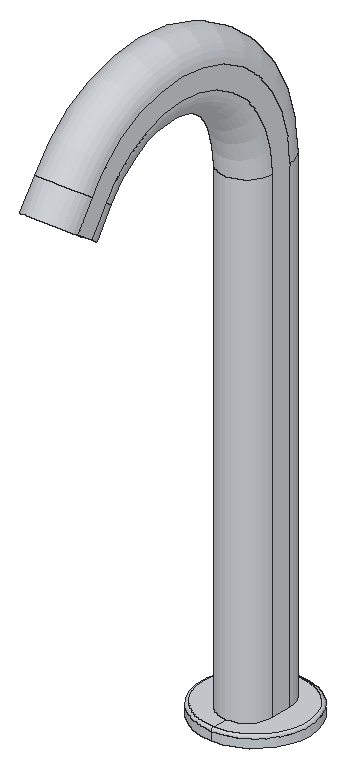
Revit family "Faucet_Touchless-Lavatory-KOHLER-Oblo_Tall-K-103B87_1", category Plumbing Fixtures, host Face, Revit 2017
Family settings
  Host = Face
  Round Connector Dimension = Use Diameter
  Part Type = Normal
  OmniClass Number = 23.31.11.00
  OmniClass Title = Faucets
  Cut with Voids When Loaded = No
  Shared = No
  Room Calculation Point = No
Parameters (values of type "CP-Polished Chrome")
  Width = 2 5/16"  # constant formula
  WaterSense Certified = 1 = 0  # no
  Waste Water Outlet = "Waste Water Outlet"  # constant formula
  Waste Connection = 1 = 0  # no
  Voltage = 120 V  # constant formula
  Vent Connection = 1 = 0  # no
  URL = "https://www.us.kohler.com/us/"
  Spout Reach = 5 3/16"  # constant formula
  Product Page URL = "http://www.us.kohler.com/us/catalog/productDetails.jsp?productNumber=103B87-SANA"
  Product Name = "Oblo Tall"  # constant formula
  Product Documentation Link = "https://www.us.kohler.com/webassets/kpna/catalog/pdf/en/K-103B87-SANA_spec.pdf"
  Pressure = 60.00 psi  # constant formula
  Model = "K-103B87-SANA-CP"  # constant formula
  Material = "Brass Construction"  # constant formula
  MasterFormat 2004 = "22.41.39"  # constant formula
  MasterFormat 1995 = "15410"  # constant formula
  Manufacturer Address = "444 Highland Dr, Kohler, WI 53044"  # constant formula
  Manufacturer = "KOHLER Co."  # constant formula
  Length = Spout Reach  # 5 3/16"
  Hot Water Inlet = "Hot Water Inlet"  # constant formula
  Height = 13 7/8"  # constant formula
  HW Connection = 1 = 1  # yes
  Flow Rate = 0.5 GPM  # constant formula
  Finish = Kohler-Metal-CP-Polished_Chrome
  Environmental Product Declaration = ""
  Electrical Note = "One dedicated circuit required, protected with Class A Ground-Fault Circuit-Interrupter (GFCI) or Outside North America, this device may be known as a Residual Current Device (RCD)"  # constant formula
  Electrical Connector = 1 = 1  # yes
  Drain Included = 1 = 1  # yes
  Description = "Touchless faucet with Kinesis sensor technology and temperature mixer, AC-powered"  # constant formula
  Default Elevation = 36"
  Declare Label = ""
  Date Modified = "03/30/2020"  # constant formula
  Date Created = "03/30/2020"  # constant formula
  Copyright = "Copyright KOHLER Co."  # constant formula
  Contact Us = "https://www.us.kohler.com/us/static/contact.jsp"
  Cold Water Inlet = "Cold Water Inlet"  # constant formula
  CW Connection = 1 = 1  # yes
  Assembly Code = "D2010"
  Apparent Load = 15 A * Voltage  # 1800 VA
  ADA Compliant = 1 = 1  # yes
Reference planes (in)
  plane 1 "Center (Front/Back)": y = 0
  plane 2: z = 0
  plane 3 "Center (Left/Right)": x = 0
  plane 4: x = -1.15625
  plane 5: x = 1.15625
  plane 6: y = 1.15625
  plane 7: y = -1.15625
  plane 8: y = -5.1875
  plane 9: z = 13.875
  plane 10: z = 0.23622
  plane 11: z = 11.4375
  plane 12: y = -5.82161
  plane 13: x = -0.55118
  plane 14: x = 0.55118
  plane 15: y = 0.77357
  plane 16: y = -0.77357
Dimensions and locks (in)
  "Width": plane 4 to plane 5
  locked: plane 7 to plane 6 at 2.3125
  "Length": plane 8 to plane 1 "Center (Front/Back)"
  "Height": plane 9 to plane 2
  locked: level to plane 11 at 11.4375
  "Spout Reach": plane 1 "Center (Front/Back)" to plane 8
  aligned and locked: plane 2 to host face
  aligned and locked: level to host face
Automatic sketch dimensions
  host sketch curve to host sketch curve = 96"  (x2)
Nested families (in)
  nested 1: "K-103B87" at (0, 0, 0), type "K-103B87"
Connectors (in)
  piping at (-0.55118, 0, 0), diameter 0.375, driven by "Flow Rate", driven by "Pressure", driven by "HW Connection", driven by "Hot Water Inlet"
    settings: on nested 1, index 1, connector inside diameter 24", connector length 0", flow factor 0, pipe flow 0.5 GPM, pressure drop 60.00 psi, fitting loss kfactor 0, connector angle 0.00°, fixture units 0, engagement length 0", angle of deflection 0.00°, flow configuration 1, flow direction 1, fitting loss method 4, system type 19, joint type 0, gender type 0, connector reference index -1, connector utility 1, adjustable connector no, is connector primary yes, connector description "Hot Water Inlet"
  piping at (0.55118, 0, 0), diameter 0.375, driven by "Flow Rate", driven by "Pressure", driven by "CW Connection", driven by "Cold Water Inlet"
    settings: on nested 1, index 2, connector inside diameter 24", connector length 0", flow factor 0, pipe flow 0.5 GPM, pressure drop 60.00 psi, fitting loss kfactor 0, connector angle 0.00°, fixture units 0, engagement length 0", angle of deflection 0.00°, flow configuration 1, flow direction 1, fitting loss method 4, system type 20, joint type 0, gender type 0, connector reference index -1, connector utility 1, adjustable connector no, is connector primary no, connector description "Cold Water Inlet"
  electrical at (0, 0, 0), driven by "Voltage", driven by "Apparent Load", driven by "Electrical Connector", driven by "Electrical Note"
    settings: on nested 1, index 3, voltage 120 V, apparent load 1800 VA, apparent load phase1 0 VA, apparent load phase2 0 VA, apparent load phase3 0 VA, power factor 1, load classification "Power", number of poles 1, system type 30, power factor state 1, is connector primary yes, connector utility yes, sub classification motor no, connector description "One dedicated circuit required, protected with Class A Ground-Fault Circuit-Interrupter (GFCI) or Outside North America, this device may be known as a Residual Current Device (RCD)"
Definition of nested family "K-103B87"
  Parameters (values of type "K-103B87")
    Material = none
  Reference planes (in)
    plane 1 "Center (Front/Back)": y = 0
    plane 2: z = 0
    plane 3 "Center (Left/Right)": x = 0
    plane 4: x = -1.15625
    plane 5: x = 1.15625
    plane 6: y = 1.15625
    plane 7: y = -1.15625
    plane 8: z = 13.875
    plane 9: y = -5.1875
    plane 10: z = 11.4375
    plane 11: y = 0.77357
    plane 12: y = -0.77357
    plane 13: z = 0.23622
    plane 14: y = -5.82121
    plane 15: x = -0.55118
    plane 16: x = 0.55118
    plane 17: y = 0.77357
    plane 18: y = -0.77357
  Forms (in)
    Revolve 1, solid, material <- "Material", detail levels medium+fine
      sketch origin (0, 0, 0) x (0, 1, 0) y (0, 0, 1)
        loop
          line (1.15625, 0) -> (1.15625, 0.17964)
          arc (1.15625, 0.17964) -> (1.13968, 0.21965) -> (1.09967, 0.23622) r 0.05658
          line (1.09967, 0.23622) -> (0, 0.23622) -> (0, 0) -> (1.15625, 0)
        axis (0, 0) -> (0, 0.23622)
      angle from 0 to 360
    Sweep 2, solid, material <- "Material", detail levels medium+fine
      path origin (0, 0, -0.04004) x (0, 1, 0) y (0, 0, 1)
        loop
          line (0, 0.27706) -> (0, 10.5154)
          arc (0, 10.5154) -> (-1.84846, 13.03639) -> (-4.80861, 12.03155) r 2.64332
          line (-4.80861, 12.03155) -> (-5.1875, 11.49044)
      profile origin (0, 0, 5.35619) x (0, -1, 0) y (1, 0, 0)
        loop
          spline (0.22638, -0.55118) -> (0.36802, -0.53239) -> (0.50001, -0.47732) -> (0.61335, -0.3897) -> (0.70031, -0.27552) -> (0.75496, -0.14256) -> (0.77357, 0.00012) -> (0.75489, 0.14279) -> (0.70018, 0.27573) -> (0.61318, 0.38987) -> (0.4998, 0.47744) -> (0.36779, 0.53246) -> (0.22613, 0.55118)
          line (0.22613, 0.55118) -> (-0.22638, 0.55118)
          spline (-0.22638, 0.55118) -> (-0.368, 0.5324) -> (-0.49998, 0.47734) -> (-0.6133, 0.38974) -> (-0.70026, 0.27559) -> (-0.75493, 0.14266) -> (-0.77358, 0) -> (-0.75493, -0.14266) -> (-0.70026, -0.27559) -> (-0.6133, -0.38974) -> (-0.49998, -0.47734) -> (-0.368, -0.5324) -> (-0.22638, -0.55118)
          line (-0.22638, -0.55118) -> (0.22638, -0.55118)
    Extrusion 3, solid, material <- "Material", detail levels coarse
      sketch origin (0, 0, 0) x (1, 0, 0) y (0, 1, 0)
        loop
          circle (0, 0) r 1.15625
      from 0 to 0.23622
    Sweep 4, solid, material <- "Material", detail levels coarse
      path origin (0, 0, -0.0166) x (0, 1, 0) y (0, 0, 1)
        loop
          line (0, 0.22048) -> (0, 10.47048)
          arc (0, 10.47048) -> (-1.8532, 12.99792) -> (-4.82093, 11.99051) r 2.6501
          line (-4.82093, 11.99051) -> (-5.1875, 11.467)
      profile origin (0, 0, 5.32887) x (0, -1, 0) y (1, 0, 0)
        loop
          spline (0.77362, 0) -> (0.74726, 0.14266) -> (0.66997, 0.27559) -> (0.54703, 0.38974) -> (0.38681, 0.47734) -> (0.20023, 0.5324) -> (0, 0.55118) -> (-0.20023, 0.5324) -> (-0.38681, 0.47734) -> (-0.54703, 0.38974) -> (-0.66997, 0.27559) -> (-0.74726, 0.14266) -> (-0.77362, 0)
          spline (-0.77362, 0) -> (-0.74726, -0.14266) -> (-0.66997, -0.27559) -> (-0.54703, -0.38974) -> (-0.38681, -0.47734) -> (-0.20023, -0.5324) -> (0, -0.55118) -> (0.20023, -0.5324) -> (0.38681, -0.47734) -> (0.54703, -0.38974) -> (0.66997, -0.27559) -> (0.74726, -0.14266) -> (0.77362, 0)
    Extrusion 5, void
      sketch origin (0, -5.1875, 11.4504) x (1, 0, 0) y (0, -0.819152, 0.573576)
        loop
          circle (0, 0.08619) r 0.5
        loop
          circle (0, 0.08619) r 0.48516
        loop
          circle (0, 0.08619) r 0.41777
      from -0.10741 to 0.12297
    Extrusion 6, solid, detail levels medium+fine
      sketch origin (0, -5.1875, 11.4504) x (1, 0, 0) y (0, -0.819152, 0.573576)
        loop
          arc (-0.0488, 0.25324) -> (-0.14351, 0.21888) -> (-0.22063, 0.15404) r 0.2885
          line (-0.22063, 0.15404) -> (-0.18604, 0.13407) -> (-0.23558, 0.04826) -> (-0.27017, 0.06823)
          arc (-0.27017, 0.06823) -> (-0.28776, -0.03097) -> (-0.27017, -0.13018) r 0.2885
          line (-0.27017, -0.13018) -> (-0.23558, -0.11021) -> (-0.18604, -0.19602) -> (-0.22063, -0.21599)
          arc (-0.22063, -0.21599) -> (-0.14351, -0.28083) -> (-0.0488, -0.31519) r 0.2885
          line (-0.0488, -0.31519) -> (-0.0488, -0.27525) -> (0.05029, -0.27525) -> (0.05029, -0.31519)
          arc (0.05029, -0.31519) -> (0.14499, -0.28083) -> (0.22211, -0.21599) r 0.2885
          line (0.22211, -0.21599) -> (0.18752, -0.19602) -> (0.23706, -0.11021) -> (0.27165, -0.13018)
          arc (0.27165, -0.13018) -> (0.28925, -0.03097) -> (0.27165, 0.06823) r 0.2885
          line (0.27165, 0.06823) -> (0.23706, 0.04826) -> (0.18752, 0.13407) -> (0.22211, 0.15404)
          arc (0.22211, 0.15404) -> (0.14499, 0.21888) -> (0.05029, 0.25324) r 0.2885
          line (0.05029, 0.25324) -> (0.05029, 0.2133) -> (-0.0488, 0.2133) -> (-0.0488, 0.25324)
      from -0.10741 to -0.08036
    Extrusion 7, solid, material <- "Material", detail levels medium+fine
      sketch origin (0, 0, 0) x (1, 0, 0) y (0, 1, 0)
        loop
          circle (-0.55118, 0) r 0.07014
        loop
          circle (0.55118, 0) r 0.07014
      from 0 to 0.01356
  Cuts and joins
    Extrusion 5 cuts Sweep 2
    joined: Revolve 1, Sweep 2
    joined: Extrusion 3, Sweep 4
  Lines and regions (in)
    Masking region 1
      outline origin (0, 0, 0) x (1, 0, 0) y (0, 1, 0)
        loop
          arc (0.55118, -1.01642) -> (1.12075, 0.28432) -> (0, 1.15625) r 1.15625
          arc (0, 1.15625) -> (-1.12075, 0.28432) -> (-0.55118, -1.01642) r 1.15625
          line (-0.55118, -1.01642) -> (-0.55118, -5.37338)
          spline (-0.55118, -5.37338) -> (-0.53241, -5.48935) -> (-0.47738, -5.59743) -> (-0.38983, -5.69025) -> (-0.27574, -5.76149) -> (-0.14286, -5.80629) -> (-0.00026, -5.82161) -> (0.14237, -5.8064) -> (0.27529, -5.7617) -> (0.38947, -5.69055) -> (0.47712, -5.5978) -> (0.53228, -5.48976) -> (0.55118, -5.37379)
          line (0.55118, -5.37379) -> (0.55118, -1.01642)
    Masking region 2
      outline origin (0, 0, 0) x (1, 0, 0) y (0, 0, 1)
        loop
          line (1.15625, 0) -> (1.15625, 0.18027)
          arc (1.15625, 0.18027) -> (1.13986, 0.21983) -> (1.1003, 0.23622) r 0.05595
          line (1.1003, 0.23622) -> (0.55118, 0.23622) -> (0.55118, 13.32382)
          arc (0.55118, 13.32382) -> (0, 13.875) -> (-0.55118, 13.32382) r 0.55118
          line (-0.55118, 13.32382) -> (-0.55118, 0.23622) -> (-1.1003, 0.23622)
          arc (-1.1003, 0.23622) -> (-1.13986, 0.21983) -> (-1.15625, 0.18027) r 0.05595
          line (-1.15625, 0.18027) -> (-1.15625, 0) -> (1.15625, 0)
    Masking region 3
      outline origin (0, 0, 0) x (0, 1, 0) y (0, 0, 1)
        loop
          line (1.15625, 0) -> (1.15625, 0.18047)
          arc (1.15625, 0.18047) -> (1.13992, 0.21989) -> (1.1005, 0.23622) r 0.05575
          line (1.1005, 0.23622) -> (0.77357, 0.23622) -> (0.77357, 10.45316)
          arc (0.77357, 10.45316) -> (-1.62074, 13.71859) -> (-5.45502, 12.41703) r 3.4239
          line (-5.45502, 12.41703) -> (-5.82121, 11.88123) -> (-4.55988, 10.99804) -> (-4.18005, 11.5405)
          arc (-4.18005, 11.5405) -> (-2.08305, 12.25234) -> (-0.77357, 10.46644) r 1.87256
          line (-0.77357, 10.46644) -> (-0.77357, 0.23622) -> (-1.1005, 0.23622)
          arc (-1.1005, 0.23622) -> (-1.13992, 0.21989) -> (-1.15625, 0.18047) r 0.05575
          line (-1.15625, 0.18047) -> (-1.15625, 0) -> (1.15625, 0)
    symbolic lines, detail levels medium+fine
      curve 1: spline (-0.55118, 0.22638, 0) -> (-0.5324, 0.368, 0) -> (-0.47734, 0.49998, 0) -> (-0.38974, 0.6133, 0) -> (-0.27559, 0.70026, 0) -> (-0.14266, 0.75493, 0) -> (0, 0.77357, 0) -> (0.14266, 0.75493, 0) -> (0.27559, 0.70026, 0) -> (0.38974, 0.6133, 0) -> (0.47734, 0.49998, 0) -> (0.5324, 0.368, 0) -> (0.55118, 0.22638, 0)
      curve 2: line (-0.55118, 0.22638, 0) -> (-0.55118, -1.01642, 0)
      curve 3: line (0.55118, 0.22638, 0) -> (0.55118, -1.01642, 0)
      curve 4: line (-0.55118, 0, 0.23622) -> (0.55118, 0, 0.23622)
      curve 5: line (0, 0.77357, 0.23622) -> (0, -0.77357, 0.23622)
      curve 6: line (0, 0.30078, 0.23622) -> (0, 0.30078, 10.29809)
      curve 7: line (0, -0.30078, 0.23622) -> (0, -0.30078, 10.43401)
      curve 8: line (0, -4.94717, 11.26922) -> (0, -4.58594, 11.78512)
      curve 9: line (0, -5.43995, 11.61426) -> (0, -5.15667, 12.01882)
      curve 10: arc (0, -0.30078, 10.43401) -> (0, -1.94803, 12.68057) -> (0, -4.58594, 11.78512) r 2.35558
      curve 11: arc (0, 0.30078, 10.29809) -> (0, -1.7971, 13.15924) -> (0, -5.15667, 12.01882) r 3
      curve 12: spline (0.55118, 0, 11.58024) -> (0.5324, 0, 11.66147) -> (0.47734, 0, 11.73717) -> (0.38974, 0, 11.80217) -> (0.27559, 0, 11.85205) -> (0.14266, 0, 11.88341) -> (0, 0, 11.8941) -> (-0.14266, 0, 11.88341) -> (-0.27559, 0, 11.85205) -> (-0.38974, 0, 11.80217) -> (-0.47734, 0, 11.73717) -> (-0.5324, 0, 11.66147) -> (-0.55118, 0, 11.58024)
      curve 13: spline (-0.55118, 0, 11.32055) -> (-0.53239, 0, 11.23931) -> (-0.47732, 0, 11.1636) -> (-0.3897, 0, 11.09859) -> (-0.27552, 0, 11.04872) -> (-0.14256, 0, 11.01737) -> (0.00012, 0, 11.00669) -> (0.14279, 0, 11.01741) -> (0.27573, 0, 11.04879) -> (0.38987, 0, 11.09869) -> (0.47744, 0, 11.16372) -> (0.53246, 0, 11.23944) -> (0.55118, 0, 11.32069)
      curve 14: spline (0.5, 0, 11.49983) -> (0.48296, 0, 11.42561) -> (0.43301, 0, 11.35644) -> (0.35355, 0, 11.29704) -> (0.25, 0, 11.25147) -> (0.12941, 0, 11.22282) -> (0, 0, 11.21304) -> (-0.12941, 0, 11.22282) -> (-0.25, 0, 11.25147) -> (-0.35355, 0, 11.29704) -> (-0.43301, 0, 11.35644) -> (-0.48296, 0, 11.42561) -> (-0.5, 0, 11.49983) -> (-0.48296, 0, 11.57406) -> (-0.43301, 0, 11.64323) -> (-0.35355, 0, 11.70262) -> (-0.25, 0, 11.7482) -> (-0.12941, 0, 11.77685) -> (0, 0, 11.78662) -> (0.12941, 0, 11.77685) -> (0.25, 0, 11.7482) -> (0.35355, 0, 11.70262) -> (0.43301, 0, 11.64323) -> (0.48296, 0, 11.57406) -> (0.5, 0, 11.49983)
      curve 15: spline (0.48516, 0, 11.49983) -> (0.46863, 0, 11.57186) -> (0.42016, 0, 11.63897) -> (0.34306, 0, 11.6966) -> (0.24258, 0, 11.74083) -> (0.12557, 0, 11.76863) -> (0, 0, 11.77811) -> (-0.12557, 0, 11.76863) -> (-0.24258, 0, 11.74083) -> (-0.34306, 0, 11.6966) -> (-0.42016, 0, 11.63897) -> (-0.46863, 0, 11.57186) -> (-0.48516, 0, 11.49983) -> (-0.46863, 0, 11.42781) -> (-0.42016, 0, 11.3607) -> (-0.34306, 0, 11.30306) -> (-0.24258, 0, 11.25884) -> (-0.12557, 0, 11.23104) -> (0, 0, 11.22156) -> (0.12557, 0, 11.23104) -> (0.24258, 0, 11.25884) -> (0.34306, 0, 11.30306) -> (0.42016, 0, 11.3607) -> (0.46863, 0, 11.42781) -> (0.48516, 0, 11.49983)
      curve 16: spline (0.41777, 0, 11.49983) -> (0.40354, 0, 11.43781) -> (0.3618, 0, 11.38002) -> (0.29541, 0, 11.33039) -> (0.20889, 0, 11.29231) -> (0.10813, 0, 11.26837) -> (0, 0, 11.26021) -> (-0.10813, 0, 11.26837) -> (-0.20888, 0, 11.29231) -> (-0.29541, 0, 11.33039) -> (-0.3618, 0, 11.38002) -> (-0.40354, 0, 11.43781) -> (-0.41777, 0, 11.49983) -> (-0.40354, 0, 11.56185) -> (-0.3618, 0, 11.61964) -> (-0.29541, 0, 11.66927) -> (-0.20888, 0, 11.70735) -> (-0.10813, 0, 11.73129) -> (0, 0, 11.73946) -> (0.10813, 0, 11.73129) -> (0.20889, 0, 11.70735) -> (0.29541, 0, 11.66927) -> (0.3618, 0, 11.61964) -> (0.40354, 0, 11.56185) -> (0.41777, 0, 11.49983)
      curve 17: spline (-0.41067, 0, 11.54382) -> (-0.39909, 0, 11.51697) -> (-0.3822, 0, 11.49106) -> (-0.36021, 0, 11.46643) -> (-0.33342, 0, 11.44343) -> (-0.30218, 0, 11.42235) -> (-0.26692, 0, 11.40348) -> (-0.2281, 0, 11.38706) -> (-0.18624, 0, 11.37332) -> (-0.14189, 0, 11.36244) -> (-0.09566, 0, 11.35456) -> (-0.04815, 0, 11.34979) -> (0, 0, 11.34819)
      curve 18: spline (0, 0, 11.34819) -> (0.04815, 0, 11.34979) -> (0.09566, 0, 11.35456) -> (0.14189, 0, 11.36244) -> (0.18624, 0, 11.37332) -> (0.2281, 0, 11.38706) -> (0.26692, 0, 11.40348) -> (0.30218, 0, 11.42235) -> (0.33342, 0, 11.44343) -> (0.36021, 0, 11.46643) -> (0.3822, 0, 11.49106) -> (0.39909, 0, 11.51697) -> (0.41067, 0, 11.54382)
      curve 19: line (-0.04959, 0, 11.35755) -> (-0.04959, 0, 11.38046)
      curve 20: line (0.0495, 0, 11.38046) -> (0.0495, 0, 11.35755)
      curve 21: spline (0.22132, 0, 11.41445) -> (0.21013, 0, 11.40721) -> (0.19821, 0, 11.40036) -> (0.18562, 0, 11.39391) -> (0.17239, 0, 11.3879) -> (0.15857, 0, 11.38235) -> (0.14421, 0, 11.37726) -> (0.12935, 0, 11.37267) -> (0.11405, 0, 11.36858) -> (0.09836, 0, 11.36502) -> (0.08234, 0, 11.36198) -> (0.06603, 0, 11.35949) -> (0.0495, 0, 11.35755)
      curve 22: line (0.18673, 0, 11.42591) -> (0.22132, 0, 11.41445)
      curve 23: line (0.23627, 0, 11.47513) -> (0.18673, 0, 11.42591)
      curve 24: line (0.27087, 0, 11.46367) -> (0.23627, 0, 11.47513)
      curve 25: spline (0.27087, 0, 11.57747) -> (0.2762, 0, 11.56829) -> (0.28059, 0, 11.55895) -> (0.28403, 0, 11.54947) -> (0.28649, 0, 11.53989) -> (0.28796, 0, 11.53025) -> (0.28846, 0, 11.52057) -> (0.28796, 0, 11.5109) -> (0.28649, 0, 11.50126) -> (0.28403, 0, 11.49168) -> (0.28059, 0, 11.4822) -> (0.2762, 0, 11.47286) -> (0.27087, 0, 11.46367)
      curve 26: line (0.23627, 0, 11.56602) -> (0.27087, 0, 11.57747)
      curve 27: line (0.18673, 0, 11.61524) -> (0.23627, 0, 11.56602)
      curve 28: spline (0.0495, 0, 11.68359) -> (0.06603, 0, 11.68165) -> (0.08234, 0, 11.67916) -> (0.09836, 0, 11.67613) -> (0.11405, 0, 11.67256) -> (0.12935, 0, 11.66848) -> (0.14421, 0, 11.66388) -> (0.15857, 0, 11.6588) -> (0.17239, 0, 11.65324) -> (0.18562, 0, 11.64723) -> (0.19821, 0, 11.64079) -> (0.21013, 0, 11.63394) -> (0.22132, 0, 11.62669)
      curve 29: line (0.22132, 0, 11.62669) -> (0.18673, 0, 11.61524)
      curve 30: line (0.0495, 0, 11.68359) -> (0.0495, 0, 11.63853)
      curve 31: line (0.0495, 0, 11.63853) -> (-0.04959, 0, 11.63853)
      curve 32: line (-0.04959, 0, 11.63853) -> (-0.04959, 0, 11.68359)
      curve 33: spline (-0.22142, 0, 11.62669) -> (-0.21022, 0, 11.63394) -> (-0.1983, 0, 11.64079) -> (-0.18571, 0, 11.64723) -> (-0.17248, 0, 11.65324) -> (-0.15866, 0, 11.6588) -> (-0.1443, 0, 11.66388) -> (-0.12944, 0, 11.66848) -> (-0.11415, 0, 11.67256) -> (-0.09846, 0, 11.67613) -> (-0.08243, 0, 11.67916) -> (-0.06612, 0, 11.68165) -> (-0.04959, 0, 11.68359)
      curve 34: line (-0.18683, 0, 11.61524) -> (-0.22142, 0, 11.62669)
      curve 35: line (-0.23637, 0, 11.56602) -> (-0.18683, 0, 11.61524)
      curve 36: line (-0.27096, 0, 11.57747) -> (-0.23637, 0, 11.56602)
      curve 37: spline (-0.27096, 0, 11.46367) -> (-0.2763, 0, 11.47286) -> (-0.28069, 0, 11.4822) -> (-0.28412, 0, 11.49168) -> (-0.28658, 0, 11.50126) -> (-0.28806, 0, 11.5109) -> (-0.28855, 0, 11.52057) -> (-0.28806, 0, 11.53025) -> (-0.28658, 0, 11.53989) -> (-0.28412, 0, 11.54947) -> (-0.28069, 0, 11.55895) -> (-0.2763, 0, 11.56829) -> (-0.27096, 0, 11.57747)
      curve 38: line (-0.23637, 0, 11.47513) -> (-0.27096, 0, 11.46367)
      curve 39: line (-0.18683, 0, 11.42591) -> (-0.23637, 0, 11.47513)
      curve 40: line (-0.22142, 0, 11.41445) -> (-0.18683, 0, 11.42591)
      curve 41: spline (-0.04959, 0, 11.35755) -> (-0.06612, 0, 11.35949) -> (-0.08243, 0, 11.36198) -> (-0.09846, 0, 11.36502) -> (-0.11415, 0, 11.36858) -> (-0.12944, 0, 11.37267) -> (-0.1443, 0, 11.37726) -> (-0.15866, 0, 11.38235) -> (-0.17248, 0, 11.3879) -> (-0.18571, 0, 11.39391) -> (-0.1983, 0, 11.40036) -> (-0.21022, 0, 11.40721) -> (-0.22142, 0, 11.41445)
      curve 42: line (0.0495, 0, 11.38046) -> (-0.04959, 0, 11.38046)
  Dimensions and locks (in)
    plane 4 to plane 5 = 2 5/16"
    plane 8 to plane 2 = 13 7/8"
    plane 1 "Center (Front/Back)" to plane 9 = 5 3/16"
    plane 10 to plane 2 = 11 7/16"
    plane 11 to plane 12 = 1.54715"
    aligned and locked: plane 2 to level
